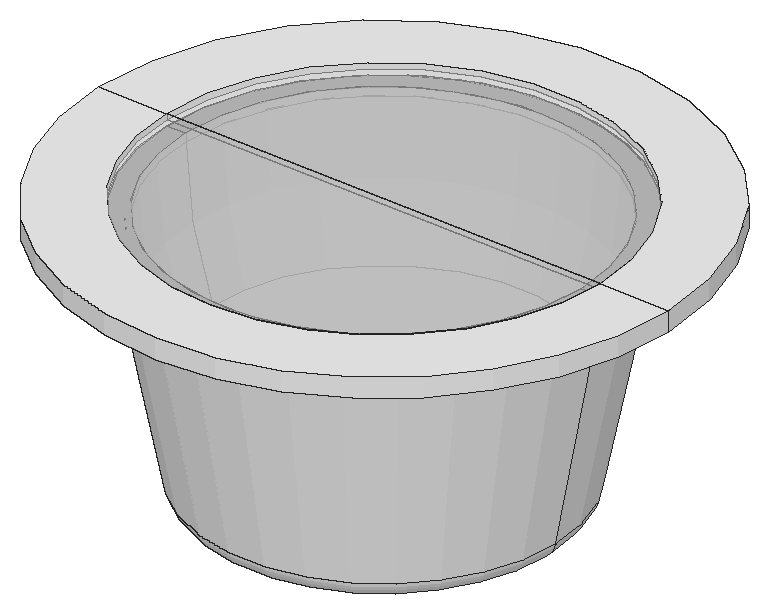
Revit family "2060575+2039013 Sylvania Lighting Fixture ASCENT 100 II ARCH 3700 4K STD 160 with IP54 PC Cover", category Lighting Fixtures, host Face, Revit 2016
Family settings
  Host = Face
  Part Type = Normal
  Round Connector Dimension = Use Diameter
  OmniClass Number = 23.80.70.11.17
  OmniClass Title = Specialized Lighting by Location or Use
  Cut with Voids When Loaded = No
  Light Source = Yes
  Shared = No
  Room Calculation Point = No
Parameters (values of type "2060575+2039013 ASCT100 II ARCH 3700 4K STD 160 with IP54 PC Cover")
  WidthBezelAcc_SYL = 25.0 mm
  Weight = "1.2 kg"
  Wattage = 30 W
  WarrantyStartDate [instance] = "n/a"
  WarrantyGuarantorParts = "n/a"
  WarrantyDurationUnit = "n/a"
  WarrantyDurationParts = "n/a"
  WarrantyDescription = "n/a"
  built-in parameter 1150110 = 1 (stored number, unit not read)
  Voltage = 0 V
  VisibilityAccessory_SYL = yes
  TypeName = "ASCENT 100 II ARCH 3700 4K STD 160 with IP54 PC Cover"
  built-in parameter 1114217 = 1 (stored number, unit not read)
  Tilt Angle = -90°
  built-in parameter 1150109 = 1 (stored number, unit not read)
  built-in parameter 1150134 = 12
  built-in parameter 1150113 = 1 (stored number, unit not read)
  SerialNumber [instance] = "n/a"
  ReflectorRadius_SYL = Radius_SYL - 14.5 mm  # 80.0 mm
  RadiusAcc_SYL = 105.0 mm
  Radius_SYL = 94.5 mm
  URL = "http://www.sylvania-lighting.com"
  PowerFactor = 0
  PowerConsumption = "30 W"
  Photometric Web File = "2060575.ies"
  NominalWidth = 0.0 mm
  NominalLength = 0.0 mm
  NominalHeight = 94.0 mm
  Name = "ASCENT 100 II ARCH 3700 4K STD 160 with IP54 PC Cover"
  ModelReference = "ASCENT 100 II ARCH 3700 4K STD 160 with IP54 PC Cover"
  ModelNumber = "2060575+2039013"
  Material_4_SYL = none
  Material_3_SYL = Polycarbonate_Sylvania_Ascent_Clear
  Material_2_SYL = Aluminium_Sylvania_Ascent_Silver
  Material_1_SYL = Aluminum_Sylvania_Ascent_White
  Material = "aluminium housing, arcylic diffuser"
  ManufacturerName = "Feilo Sylvania"
  LuminousEfficacy = "126 lm/W"
  built-in parameter 1150105 = 300.8 (stored number, unit not read)
  Lumens = 3780 lm
  LuminaireType = ""
  built-in parameter 1150115 = 1 (stored number, unit not read)
  LightOutputRatio = "100"
  built-in parameter 1150137 = (empty or 0)
  built-in parameter 1150139 = (empty or 0)
  LampsType = Lamp  # "LED"
  LampNominalLuminous = "3766 lm"
  LampMacAdamStep = "3"
  LampColourTemperature = "4000 K"
  LampColourRenderingIndex = "80"
  built-in parameter 1150112 = 1 (stored number, unit not read)
  built-in parameter 1150114 = 1 (stored number, unit not read)
  Keynote = "16500"
  InstallationDate [instance] = "n/a"
  InputVoltage = "n/a"
  InputNominalFrequency = "n/a"
  built-in parameter 1150132 = (empty or 0)
  built-in parameter 1150102 = (empty or 0)
  built-in parameter 1150107 = 4000 (stored number, unit not read)
  built-in parameter 1150138 = (empty or 0)
  IngressProtection = "IP54"
  ImpactProtectionIndex = "IK02"
  built-in parameter 1150106 = 3.008 (stored number, unit not read)
  IfcExportType = "IfcLightFixtureType"
  IfcExportAs = "IfcLightFixtureType"
  Height_SYL = 94.0 mm
  HeightAcc_SYL = 7.0 mm
  ExpectedLife = 50000
  EmittionSurface_SYL = if(VisibilityAccessory_SYL, 7.0 mm, 3.0 mm)  # 7.0 mm
  Emit from Circle Diameter = DiffuserRadius_SYL * 2  # 146.0 mm
  Emit Shape Visible in Rendering = no
  ElectricShockClassification = "Class II"
  built-in parameter 1150104 = 11.706 (stored number, unit not read)
  DurationUnit = "hours"
  DocumentationLiterature = "http://www.sylvania-lighting.com/product/en-int/products/2060575"
  DimmingControlOptions = "n/a"
  Dimming Lamp Color Temperature Shift = <None>
  DiffuserRadius_SYL = ReflectorRadius_SYL - 7.0 mm  # 73.0 mm
  Diameter_SYL = 2 * Radius_SYL  # 189.0 mm
  CutoutDiameter_SYL = Diameter_SYL - 13.0 mm  # 176.0 mm
  CreatedOn = "9/17/2018"
  CreatedBy = "@sylvania-lighting.com"
  Color Filter = 16777215
  built-in parameter 1114216 [instance] = 1 (stored number, unit not read)
  Model = "ASCENT 100 II ARCH 3700 4K STD 160 with IP54 PC Cover"
  Manufacturer = "Feilo Sylvania"
  Lamp = "LED"
  Description = "Direct LED retro fit for original LED 100 Arch (160) single CFL lamp offering Matching lumen levels and improved light distribution of original LED 100 CFL lamp equivalents Typically half the power consumption compared to CFL Up to 112lm/W 160mm aperture Architectural reflector accepts range of glass accessories from existing LED 100 Arch 160 offering HE, HO and VHO versions equivalent of single 1 x 18W, 1 x 32W, 1 x 42W\r\n Additional VVHO versions which offer the performance circa 2 x 32W equivalent"  # constant formula
  Default Elevation = 0.0 mm
  built-in parameter 1140040 [instance] = 1
  BarCode [instance] = "n/a"
  built-in parameter 1114218 = 1 (stored number, unit not read)
  built-in parameter 1150133 = 10 (stored number, unit not read)
  AssetType = "Fixed"
  AssetIdentifier [instance] = "n/a"
  Assembly Code = "D5020200"
  Apparent Load = 30 VA
  Aperture_SYL = 2 * ReflectorRadius_SYL  # 160.0 mm
Reference planes
  plane 1 "Center (Front/Back)": y = 0
  plane 2: z = 0
  plane 3 "Center (Left/Right)": x = 0
  plane 4 "Fixture Bottom": z = 3
  plane 5: z = -52.5
  plane 6 "Fixture Top": z = -91
  plane 7: x = -105
  plane 8: z = 7
  plane 9: x = -80
  plane 10: z = 5
  plane 11: x = -103
Forms (mm)
  Extrusion 1, solid, material "Aluminum_Sylvania_Ascent_White", detail levels fine
    sketch origin (0, 0, 0) x (1, 0, 0) y (0, 1, 0)
      loop
        circle (0, 0) r 94.5
      loop
        circle (0, 0) r 80
    from 0 to 3
  Extrusion 2, void
    sketch origin (0, 0, 0) x (1, 0, 0) y (0, 1, 0)
      loop
        circle (0, 0) r 88
    from -91 to 3
  Revolve 3, solid, material "Aluminum_Sylvania_Ascent_White" <- "Material_1_SYL", detail levels fine
    sketch origin (0, 0, 0) x (1, 0, 0) y (0, 0, 1)
      loop
        line (0, -91.073) -> (0, -89.023) -> (-55.468, -89.014)
        arc (-55.468, -89.014) -> (-59.352, -87.613) -> (-61.54, -84.139) r 6.307
        line (-61.54, -84.139) -> (-77.991, -2.844) -> (-77.991, 0) -> (-80, 0) -> (-80, -3) -> (-63.5, -84.536)
        arc (-63.5, -84.536) -> (-60.643, -89.203) -> (-55.5, -91.073) r 8.291
        line (-55.5, -91.073) -> (0, -91.073)
      axis (0, 0) -> (0, -91.073)
    angle from 0 to 360
  Revolve 4, solid, material "Aluminium_Sylvania_Ascent_Silver" <- "Material_2_SYL", detail levels fine
    sketch origin (0, 0, 0) x (1, 0, 0) y (0, 0, 1)
      loop
        line (-80, 3) -> (-80, 0) -> (-75, 0)
        arc (-75, 0) -> (-72.349, -26.77) -> (-64.5, -52.5) r 136.5
        line (-64.5, -52.5) -> (-58, -52.5)
        arc (-58, -52.5) -> (-56.857, -61.521) -> (-53.5, -69.971) r 36.166
        line (-53.5, -69.971) -> (0, -69.971) -> (0, -50.5) -> (-63.16, -50.5)
        arc (-63.16, -50.5) -> (-70.517, -25.725) -> (-73, 0) r 134.5
        line (-73, 0) -> (-73, 3) -> (-80, 3)
      axis (0, 3) -> (0, -69.971)
    angle from 0 to 360
  Extrusion 5, solid, material "Polycarbonate_Sylvania_Ascent_Clear" <- "Material_3_SYL", detail levels fine
    sketch origin (0, 0, 0) x (1, 0, 0) y (0, 1, 0)
      loop
        circle (0, 0) r 73
    from 0 to 3
  Revolve 6, solid, material "Aluminum_Sylvania_Ascent_White" <- "Material_1_SYL", detail levels coarse+medium
    sketch origin (0, 0, 0) x (1, 0, 0) y (0, 0, 1)
      loop
        line (0, -91.073) -> (0, 3) -> (-94.5, 3) -> (-94.5, 0) -> (-79.5, 0) -> (-79.5, -3) -> (-63, -84.536)
        arc (-63, -84.536) -> (-60.143, -89.203) -> (-55, -91.073) r 8.291
        line (-55, -91.073) -> (0, -91.073)
      axis (0, 3) -> (0, -91.073)
    angle from 0 to 360
  Revolve 7, solid, material "Aluminum_Sylvania_Ascent_White" <- "Material_1_SYL", visible <- "VisibilityAccessory_SYL"
    sketch origin (0, 0, 0) x (1, 0, 0) y (0, 0, 1)
      loop
        line (-105, 0) -> (-103, 0) -> (-103, 5) -> (-80, 5) -> (-80, 7) -> (-105, 7) -> (-105, 0)
      axis (0, 7) -> (0, 0)
    angle from 0 to 360
  Revolve 8, solid, material "Polycarbonate_Sylvania_Ascent_Clear" <- "Material_3_SYL", visible <- "VisibilityAccessory_SYL"
    sketch origin (0, 0, 0) x (1, 0, 0) y (0, 0, 1)
      loop
        line (-80, 7) -> (-80, 5) -> (0, 5) -> (0, 7) -> (-80, 7)
      axis (0, 7) -> (0, 5)
    angle from 0 to 360
Lines and regions (mm)
  reference lines
    curve 1: line (-150, 0, 7) -> (125, 0, 7)
Dimensions and locks
  locked: plane 4 "Fixture Bottom" to plane 2 at 3
  "Height_SYL": plane 4 "Fixture Bottom" to plane 6 "Fixture Top"
  "ReflectorRadius_SYL": plane 3 "Center (Left/Right)" to Revolve 4 sketch curve
  locked: Revolve 4 sketch curve to Revolve 4 sketch curve at 15.5
  locked: Revolve 4 sketch curve to Revolve 4 sketch curve at 5
  locked: Revolve 4 sketch curve to Revolve 4 sketch curve at 7
  locked: Revolve 4 sketch curve to Revolve 4 sketch curve at 22
  locked: Revolve 4 sketch curve to Revolve 4 sketch curve at 26.5
  locked: Revolve 3 sketch curve to Revolve 3 sketch curve at 16.5
  locked: Revolve 3 sketch curve to Revolve 3 sketch curve at 24.5
  "ReflectorRadius_SYL": Revolve 3 sketch curve to plane 3 "Center (Left/Right)"
  locked: Revolve 3 sketch curve to plane 6 "Fixture Top" at 6.464
  locked: plane 2 to Revolve 3 sketch curve at 3
  locked: Revolve 3 sketch curve to Revolve 3 sketch curve at 2
  locked: Revolve 3 sketch curve to Revolve 3 sketch curve at 2.009
  locked: plane 2 to plane 5 at 52.5
  locked: Revolve 6 sketch curve to Revolve 6 sketch curve at 31.5
  locked: Revolve 6 sketch curve to Revolve 6 sketch curve at 39.5
  locked: Revolve 6 sketch curve to Revolve 6 sketch curve at 15
  "Radius_SYL": plane 3 "Center (Left/Right)" to Revolve 6 sketch curve
  "RadiusAcc_SYL": plane 3 "Center (Left/Right)" to plane 7
  "HeightAcc_SYL": plane 8 to level
  "WidthBezelAcc_SYL": plane 7 to plane 9
  locked: plane 7 to plane 11 at 2
  locked: plane 8 to plane 10 at 2
  "EmittionSurface_SYL": curve 1 to level
  "CutoutDiameter_SYL": diameter of Extrusion 2 sketch curve
  "ReflectorRadius_SYL": radius of Extrusion 1 sketch curve
  "DiffuserRadius_SYL": radius of Extrusion 5 sketch curve
  "Radius_SYL": radius of Extrusion 1 sketch curve
  aligned and locked: host face to plane 2
  aligned and locked: host face to level
  aligned and locked: plane 4 "Fixture Bottom" to Extrusion 1
  aligned and locked: Extrusion 1 to plane 2
  aligned and locked: Revolve 3 sketch curve to plane 3 "Center (Left/Right)"
  aligned and locked: Revolve 4 sketch curve to plane 3 "Center (Left/Right)"  (x2)
  aligned and locked: plane 4 "Fixture Bottom" to Revolve 4 sketch curve
  aligned and locked: Extrusion 5 to plane 2
  aligned and locked: plane 2 to Revolve 3 sketch curve  (x2)
  aligned and locked: Revolve 6 sketch curve to plane 3 "Center (Left/Right)"
  aligned and locked: plane 6 "Fixture Top" to Extrusion 2
  aligned and locked: Revolve 7 sketch curve to plane 3 "Center (Left/Right)"
  aligned and locked: host face to Revolve 7 sketch curve  (x2)
  aligned and locked: Revolve 7 sketch curve to plane 7
  aligned and locked: plane 8 to Revolve 7 sketch curve
  aligned and locked: plane 9 to Revolve 7 sketch curve
  aligned and locked: Revolve 7 sketch curve to plane 10
  aligned and locked: plane 11 to Revolve 7 sketch curve
  aligned and locked: Revolve 7 to Revolve 8 sketch curve
  aligned and locked: Revolve 8 sketch curve to Revolve 7  (x2)
  aligned and locked: Revolve 8 sketch curve to plane 3 "Center (Left/Right)"  (x2)
  aligned and locked: plane 3 "Center (Left/Right)" to imposter light
  aligned and locked: imposter light to plane 1 "Center (Front/Back)"
  aligned and locked: imposter light to curve 1
Automatic sketch dimensions
  plane 1 "Center (Front/Back)" to Extrusion 2 sketch curve = 0.0 mm
  Extrusion 2 sketch curve to plane 3 "Center (Left/Right)" = 0.0 mm
  Extrusion 1 sketch curve to Extrusion 1 sketch curve = 0.0 mm  (x2)
  plane 1 "Center (Front/Back)" to Extrusion 1 sketch curve = 0.0 mm
  Extrusion 1 sketch curve to plane 3 "Center (Left/Right)" = 0.0 mm
  plane 6 "Fixture Top" to Revolve 3 sketch curve = 0.073 mm
  Revolve 3 sketch curve to plane 6 "Fixture Top" = 6.861 mm
  Revolve 3 sketch curve to Revolve 3 sketch curve = 0.003 mm
  Revolve 3 sketch curve to Revolve 3 sketch curve = 0.009 mm  (x2)
  Revolve 3 sketch curve to Revolve 3 sketch curve = 0.023 mm
  Revolve 3 sketch curve to Revolve 3 sketch curve = 0.072 mm
  Revolve 3 sketch curve to Revolve 3 sketch curve = 0.008 mm
  Revolve 3 sketch curve to plane 6 "Fixture Top" = 1.977 mm
  Revolve 3 sketch curve to Revolve 3 sketch curve = 33.496 mm
  Revolve 3 sketch curve to Revolve 3 sketch curve = 0.028 mm
  plane 4 "Fixture Bottom" to Revolve 3 sketch curve = 82.431 mm
  Revolve 4 sketch curve to Revolve 4 sketch curve = 0.0 mm  (x2)
  Revolve 4 sketch curve to plane 5 = 0.0 mm
  Revolve 4 sketch curve to level = 0.0 mm
  plane 5 to Revolve 4 sketch curve = 2.0 mm
  plane 4 "Fixture Bottom" to Revolve 4 sketch curve = 9.642 mm
  plane 1 "Center (Front/Back)" to Extrusion 5 sketch curve = 0.0 mm
  Extrusion 5 sketch curve to plane 3 "Center (Left/Right)" = 0.0 mm
  Revolve 4 sketch curve to level = 69.971 mm
  Revolve 4 sketch curve to Revolve 4 sketch curve = 2.387 mm
  Revolve 6 sketch curve to level = 0.0 mm
  Revolve 6 sketch curve to plane 3 "Center (Left/Right)" = 0.0 mm
  Revolve 6 sketch curve to Revolve 6 sketch curve = 8.104 mm
  Revolve 6 sketch curve to level = 3.0 mm
  Revolve 6 sketch curve to plane 6 "Fixture Top" = 6.464 mm
  plane 6 "Fixture Top" to Revolve 6 sketch curve = 0.073 mm
  Revolve 6 sketch curve to Revolve 6 sketch curve = 33.496 mm
  plane 4 "Fixture Bottom" to Revolve 6 sketch curve = 82.431 mm
  host sketch curve to host sketch curve = 1704.996 mm
  host sketch curve to host sketch curve = 1500.0 mm
  plane 6 "Fixture Top" to Revolve 7 sketch curve = 281.274 mm
  Revolve 7 sketch curve to plane 8 = 1140.706 mm
  plane 6 "Fixture Top" to Revolve 8 sketch curve = 281.274 mm
  Revolve 8 sketch curve to Revolve 8 sketch curve = 1140.706 mm
  Revolve 3 sketch curve to plane 3 "Center (Left/Right)" = 0.0 mm
  Revolve 6 sketch curve to plane 4 "Fixture Bottom" = 0.0 mm
  plane 7 to curve 1 = 45.0 mm
  plane 3 "Center (Left/Right)" to curve 1 = 125.0 mm
Connectors
  electrical at (0, 0, -91.073), driven by "Apparent Load"
    settings: on Revolve 3, index 1, voltage 240 V, apparent load 0 VA, apparent load phase1 30 VA, apparent load phase2 0 VA, apparent load phase3 0 VA, power factor 1, load classification "Lighting", number of poles 1, system type 31, power factor state 1, is connector primary yes, connector utility no, sub classification motor no, connector description ""
